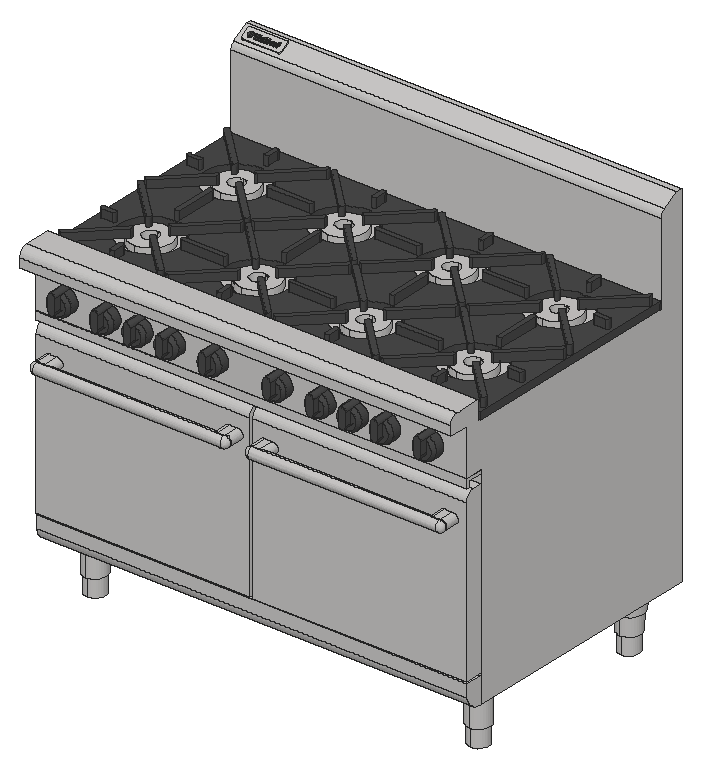
Revit family "QF_MOFFAT WALDORF_RN8820G", category Specialty Equipment, Revit 2012 (continued)
Automatic sketch dimensions
  Split face 19 sketch curve to Extrusion 1 = 584.5 mm
  Split face 19 sketch curve to Split face 19 sketch curve = 20 mm
  Extrusion 1 to Split face 20 sketch curve = 1.962 mm
  Split face 20 sketch curve to Extrusion 1 = 14.14 mm
  Split face 20 sketch curve to Extrusion 1 = 557.5 mm
  Split face 20 sketch curve to Split face 20 sketch curve = 20 mm
  Extrusion 1 to Split face 21 sketch curve = 1.962 mm
  Split face 21 sketch curve to Extrusion 1 = 14.14 mm
  Split face 21 sketch curve to Extrusion 1 = 530.5 mm
  Split face 21 sketch curve to Split face 21 sketch curve = 20 mm
  Extrusion 1 to Split face 22 sketch curve = 1.962 mm
  Split face 22 sketch curve to Extrusion 1 = 14.14 mm
  Split face 22 sketch curve to Extrusion 1 = 503.5 mm
  Split face 22 sketch curve to Split face 22 sketch curve = 20 mm
  Extrusion 1 to Split face 23 sketch curve = 1.962 mm
  Split face 23 sketch curve to Extrusion 1 = 14.14 mm
  Split face 23 sketch curve to Extrusion 1 = 476.5 mm
  Split face 23 sketch curve to Split face 23 sketch curve = 20 mm
  Extrusion 1 to Split face 24 sketch curve = 1.962 mm
  Split face 24 sketch curve to Extrusion 1 = 14.14 mm
  Split face 24 sketch curve to Extrusion 1 = 449.5 mm
  Split face 24 sketch curve to Split face 24 sketch curve = 20 mm
  Extrusion 1 to Split face 25 sketch curve = 1.962 mm
  Split face 25 sketch curve to Extrusion 1 = 14.14 mm
  Split face 25 sketch curve to Extrusion 1 = 422.5 mm
  Split face 25 sketch curve to Split face 25 sketch curve = 20 mm
  Extrusion 1 to Split face 26 sketch curve = 1.962 mm
  Split face 26 sketch curve to Extrusion 1 = 14.14 mm
  Split face 26 sketch curve to Extrusion 1 = 395.5 mm
  Split face 26 sketch curve to Split face 26 sketch curve = 20 mm
  Extrusion 1 to Split face 27 sketch curve = 1.962 mm
  Split face 27 sketch curve to Extrusion 1 = 14.14 mm
  Split face 27 sketch curve to Extrusion 1 = 368.5 mm
  Split face 27 sketch curve to Split face 27 sketch curve = 20 mm
  Extrusion 1 to Split face 28 sketch curve = 1.962 mm
  Split face 28 sketch curve to Extrusion 1 = 14.14 mm
  Split face 28 sketch curve to Extrusion 1 = 341.5 mm
  Split face 28 sketch curve to Split face 28 sketch curve = 20 mm
  Extrusion 1 to Split face 29 sketch curve = 1.962 mm
  Split face 29 sketch curve to Extrusion 1 = 14.14 mm
  Split face 29 sketch curve to Extrusion 1 = 314.5 mm
  Split face 29 sketch curve to Split face 29 sketch curve = 20 mm
  Extrusion 1 to Split face 30 sketch curve = 1.962 mm
  Split face 30 sketch curve to Extrusion 1 = 14.14 mm
  Split face 30 sketch curve to Extrusion 1 = 287.5 mm
  Split face 30 sketch curve to Split face 30 sketch curve = 20 mm
  Extrusion 1 to Split face 31 sketch curve = 1.962 mm
  Split face 31 sketch curve to Extrusion 1 = 14.14 mm
  Split face 31 sketch curve to Extrusion 1 = 260.5 mm
  Split face 31 sketch curve to Split face 31 sketch curve = 20 mm
  Extrusion 1 to Split face 32 sketch curve = 1.962 mm
  Split face 32 sketch curve to Extrusion 1 = 14.14 mm
  Split face 32 sketch curve to Extrusion 1 = 233.5 mm
  Split face 32 sketch curve to Split face 32 sketch curve = 20 mm
  Extrusion 1 to Split face 33 sketch curve = 1.962 mm
  Split face 33 sketch curve to Extrusion 1 = 14.14 mm
  Split face 33 sketch curve to Extrusion 1 = 206.5 mm
  Split face 33 sketch curve to Split face 33 sketch curve = 20 mm
  Extrusion 1 to Split face 34 sketch curve = 1.962 mm
  Split face 34 sketch curve to Extrusion 1 = 14.14 mm
  Split face 34 sketch curve to Extrusion 1 = 179.5 mm
  Split face 34 sketch curve to Split face 34 sketch curve = 20 mm
  Extrusion 1 to Split face 35 sketch curve = 1.962 mm
  Split face 35 sketch curve to Extrusion 1 = 14.14 mm
  Split face 35 sketch curve to Extrusion 1 = 152.5 mm
  Split face 35 sketch curve to Split face 35 sketch curve = 20 mm
  Extrusion 1 to Split face 36 sketch curve = 1.962 mm
  Split face 36 sketch curve to Extrusion 1 = 14.14 mm
  Split face 36 sketch curve to Extrusion 1 = 125.5 mm
  Split face 36 sketch curve to Split face 36 sketch curve = 20 mm
  Revolve 10 sketch curve to plane 5 "FRONT" = 12 mm
  Revolve 10 sketch curve to Revolve 10 sketch curve = 0 mm  (x2)
  Revolve 10 sketch curve to Revolve 10 sketch curve = 11 mm
  Revolve 10 sketch curve to Revolve 10 sketch curve = 12.7 mm
  Revolve 10 sketch curve to Revolve 10 sketch curve = 23 mm
  Revolve 10 sketch curve to Revolve 10 sketch curve = 10 mm
  plane 18 to Revolve 10 sketch curve = 174.109 mm
  Revolve 10 sketch curve to Revolve 10 sketch curve = 5.849 mm
  Revolve 10 sketch curve to Revolve 10 sketch curve = 27.5 mm
  Revolve 10 sketch curve to Revolve 10 sketch curve = 5 mm
  Revolve 11 sketch curve to plane 5 "FRONT" = 12 mm
  Revolve 11 sketch curve to Revolve 11 sketch curve = 0 mm  (x2)
  Revolve 11 sketch curve to Revolve 11 sketch curve = 11 mm
  Revolve 11 sketch curve to Revolve 11 sketch curve = 12.7 mm
  Revolve 11 sketch curve to Revolve 11 sketch curve = 23 mm
  Revolve 11 sketch curve to Revolve 11 sketch curve = 10 mm
  plane 18 to Revolve 11 sketch curve = 174.109 mm
  Revolve 11 sketch curve to Revolve 11 sketch curve = 5.849 mm
  Revolve 11 sketch curve to Revolve 11 sketch curve = 27.5 mm
  Revolve 11 sketch curve to Revolve 11 sketch curve = 5 mm
  Revolve 12 sketch curve to plane 5 "FRONT" = 12 mm
  Revolve 12 sketch curve to Revolve 12 sketch curve = 0 mm  (x2)
  Revolve 12 sketch curve to Revolve 12 sketch curve = 11 mm
  Revolve 12 sketch curve to Revolve 12 sketch curve = 12.7 mm
  Revolve 12 sketch curve to Revolve 12 sketch curve = 23 mm
  Revolve 12 sketch curve to Revolve 12 sketch curve = 10 mm
  plane 18 to Revolve 12 sketch curve = 174.109 mm
  Revolve 12 sketch curve to Revolve 12 sketch curve = 5.849 mm
  Revolve 12 sketch curve to Revolve 12 sketch curve = 27.5 mm
  Revolve 12 sketch curve to Revolve 12 sketch curve = 5 mm
  plane 14 to Extrusion 13 sketch curve = 26.156 mm
  Extrusion 13 sketch curve to Extrusion 13 sketch curve = 10 mm
  plane 18 to Extrusion 13 sketch curve = 168.609 mm
  Extrusion 13 sketch curve to Extrusion 13 sketch curve = 35 mm
  Extrusion 14 sketch curve to plane 9 = 59.844 mm
  Extrusion 14 sketch curve to Extrusion 14 sketch curve = 10 mm
  plane 18 to Extrusion 14 sketch curve = 168.609 mm
  Extrusion 14 sketch curve to Extrusion 14 sketch curve = 35 mm
  plane 9 to Extrusion 15 sketch curve = 30.132 mm
  Extrusion 15 sketch curve to Extrusion 15 sketch curve = 10 mm
  plane 18 to Extrusion 15 sketch curve = 168.609 mm
  Extrusion 15 sketch curve to Extrusion 15 sketch curve = 35 mm
  Extrusion 16 sketch curve to Extrusion 2 = 5 mm
  Extrusion 2 to Extrusion 16 sketch curve = 24 mm
  Extrusion 16 sketch curve to Extrusion 2 = 595.449 mm
  Extrusion 16 sketch curve to Extrusion 16 sketch curve = 9.101 mm
  Revolve 17 sketch curve to plane 5 "FRONT" = 12 mm
  Revolve 17 sketch curve to Revolve 17 sketch curve = 0 mm  (x2)
  Revolve 17 sketch curve to Revolve 17 sketch curve = 11 mm
  Revolve 17 sketch curve to Revolve 17 sketch curve = 12.7 mm
  Revolve 17 sketch curve to Revolve 17 sketch curve = 23 mm
  Revolve 17 sketch curve to Revolve 17 sketch curve = 10 mm
  plane 18 to Revolve 17 sketch curve = 174.734 mm
  Revolve 17 sketch curve to Revolve 17 sketch curve = 5.849 mm
  Revolve 17 sketch curve to Revolve 17 sketch curve = 27.5 mm
  Revolve 17 sketch curve to Revolve 17 sketch curve = 5 mm
  Revolve 18 sketch curve to plane 5 "FRONT" = 12 mm
  Revolve 18 sketch curve to Revolve 18 sketch curve = 0 mm  (x2)
  Revolve 18 sketch curve to Revolve 18 sketch curve = 11 mm
  Revolve 18 sketch curve to Revolve 18 sketch curve = 12.7 mm
  Revolve 18 sketch curve to Revolve 18 sketch curve = 23 mm
  Revolve 18 sketch curve to Revolve 18 sketch curve = 10 mm
  plane 18 to Revolve 18 sketch curve = 174.109 mm
  Revolve 18 sketch curve to Revolve 18 sketch curve = 5.849 mm
  Revolve 18 sketch curve to Revolve 18 sketch curve = 27.5 mm
  Revolve 18 sketch curve to Revolve 18 sketch curve = 5 mm
  plane 9 to Extrusion 19 sketch curve = 120.156 mm
  Extrusion 19 sketch curve to Extrusion 19 sketch curve = 10 mm
  plane 18 to Extrusion 19 sketch curve = 169.234 mm
  Extrusion 19 sketch curve to Extrusion 19 sketch curve = 35 mm
  Extrusion 20 sketch curve to plane 7 "Center Y" = 79.868 mm
  Extrusion 20 sketch curve to Extrusion 20 sketch curve = 10 mm
  plane 18 to Extrusion 20 sketch curve = 168.609 mm
  Extrusion 20 sketch curve to Extrusion 20 sketch curve = 35 mm
  Revolve 21 sketch curve to plane 5 "FRONT" = 12 mm
  Revolve 21 sketch curve to Revolve 21 sketch curve = 0 mm  (x2)
  Revolve 21 sketch curve to Revolve 21 sketch curve = 11 mm
  Revolve 21 sketch curve to Revolve 21 sketch curve = 12.7 mm
  Revolve 21 sketch curve to Revolve 21 sketch curve = 23 mm
  Revolve 21 sketch curve to Revolve 21 sketch curve = 10 mm
  plane 18 to Revolve 21 sketch curve = 174.734 mm
  Revolve 21 sketch curve to Revolve 21 sketch curve = 5.849 mm
  Revolve 21 sketch curve to Revolve 21 sketch curve = 27.5 mm
  Revolve 21 sketch curve to Revolve 21 sketch curve = 5 mm
  Revolve 22 sketch curve to plane 5 "FRONT" = 12 mm
  Revolve 22 sketch curve to Revolve 22 sketch curve = 0 mm  (x2)
  Revolve 22 sketch curve to Revolve 22 sketch curve = 11 mm
  Revolve 22 sketch curve to Revolve 22 sketch curve = 12.7 mm
  Revolve 22 sketch curve to Revolve 22 sketch curve = 23 mm
  Revolve 22 sketch curve to Revolve 22 sketch curve = 10 mm
  plane 18 to Revolve 22 sketch curve = 174.734 mm
  Revolve 22 sketch curve to Revolve 22 sketch curve = 5.849 mm
  Revolve 22 sketch curve to Revolve 22 sketch curve = 27.5 mm
  Revolve 22 sketch curve to Revolve 22 sketch curve = 5 mm
  Revolve 23 sketch curve to plane 5 "FRONT" = 12 mm
  Revolve 23 sketch curve to Revolve 23 sketch curve = 0 mm  (x2)
  Revolve 23 sketch curve to Revolve 23 sketch curve = 11 mm
  Revolve 23 sketch curve to Revolve 23 sketch curve = 12.7 mm
  Revolve 23 sketch curve to Revolve 23 sketch curve = 23 mm
  Revolve 23 sketch curve to Revolve 23 sketch curve = 10 mm
  plane 18 to Revolve 23 sketch curve = 174.734 mm
  Revolve 23 sketch curve to Revolve 23 sketch curve = 5.849 mm
  Revolve 23 sketch curve to Revolve 23 sketch curve = 27.5 mm
  Revolve 23 sketch curve to Revolve 23 sketch curve = 5 mm
  plane 7 "Center Y" to Extrusion 24 sketch curve = 100.156 mm
  Extrusion 24 sketch curve to Extrusion 24 sketch curve = 10 mm
  plane 18 to Extrusion 24 sketch curve = 169.234 mm
  Extrusion 24 sketch curve to Extrusion 24 sketch curve = 35 mm
  plane 7 "Center Y" to Extrusion 25 sketch curve = 220.156 mm
  Extrusion 25 sketch curve to Extrusion 25 sketch curve = 10 mm
  plane 18 to Extrusion 25 sketch curve = 169.234 mm
  Extrusion 25 sketch curve to Extrusion 25 sketch curve = 35 mm
  Extrusion 26 sketch curve to plane 16 = 224.368 mm
  Extrusion 26 sketch curve to Extrusion 26 sketch curve = 10 mm
  plane 18 to Extrusion 26 sketch curve = 169.234 mm
  Extrusion 26 sketch curve to Extrusion 26 sketch curve = 35 mm
  Revolve 27 sketch curve to plane 5 "FRONT" = 12 mm
  Revolve 27 sketch curve to Revolve 27 sketch curve = 0 mm  (x2)
  Revolve 27 sketch curve to Revolve 27 sketch curve = 11 mm
  Revolve 27 sketch curve to Revolve 27 sketch curve = 12.7 mm
  Revolve 27 sketch curve to Revolve 27 sketch curve = 23 mm
  Revolve 27 sketch curve to Revolve 27 sketch curve = 10 mm
  plane 18 to Revolve 27 sketch curve = 174.734 mm
  Revolve 27 sketch curve to Revolve 27 sketch curve = 5.849 mm
  Revolve 27 sketch curve to Revolve 27 sketch curve = 27.5 mm
  Revolve 27 sketch curve to Revolve 27 sketch curve = 5 mm
  Revolve 28 sketch curve to plane 5 "FRONT" = 12 mm
  Revolve 28 sketch curve to Revolve 28 sketch curve = 0 mm  (x2)
  Revolve 28 sketch curve to Revolve 28 sketch curve = 11 mm
  Revolve 28 sketch curve to Revolve 28 sketch curve = 12.7 mm
  Revolve 28 sketch curve to Revolve 28 sketch curve = 23 mm
  Revolve 28 sketch curve to Revolve 28 sketch curve = 10 mm
  plane 18 to Revolve 28 sketch curve = 174.734 mm
  Revolve 28 sketch curve to Revolve 28 sketch curve = 5.849 mm
  Revolve 28 sketch curve to Revolve 28 sketch curve = 27.5 mm
  Revolve 28 sketch curve to Revolve 28 sketch curve = 5 mm
  Extrusion 29 sketch curve to plane 16 = 134.344 mm
  Extrusion 29 sketch curve to Extrusion 29 sketch curve = 10 mm
  plane 18 to Extrusion 29 sketch curve = 169.234 mm
  Extrusion 29 sketch curve to Extrusion 29 sketch curve = 35 mm
  Extrusion 30 sketch curve to plane 16 = 14.368 mm
  Extrusion 30 sketch curve to Extrusion 30 sketch curve = 10 mm
  plane 18 to Extrusion 30 sketch curve = 169.234 mm
  Extrusion 30 sketch curve to Extrusion 30 sketch curve = 35 mm
  Split face 37 sketch curve to Split face 37 sketch curve = 0 mm  (x2)
  Split face 37 sketch curve to cut or joined group of Extrusion 1, Extrusion 16, Extrusion 33 = 30.495 mm
  Split face 37 sketch curve to cut or joined group of Extrusion 1, Extrusion 16, Extrusion 33 = 360.499 mm
  Split face 37 sketch curve to Split face 37 sketch curve = 6 mm
  plane 5 "FRONT" to Extrusion 31 sketch curve = 413.847 mm
  plane 18 to Extrusion 31 sketch curve = 42.347 mm
  Extrusion 31 sketch curve to plane 5 "FRONT" = 56 mm
  plane 5 "FRONT" to Extrusion 32 sketch curve = 413.847 mm
  plane 18 to Extrusion 32 sketch curve = 42.347 mm
  Extrusion 32 sketch curve to plane 5 "FRONT" = 56 mm
  Extrusion 33 sketch curve to plane 16 = 0.512 mm
  Extrusion 33 sketch curve to Extrusion 33 sketch curve = 81 mm
  Extrusion 33 sketch curve to plane 17 = 6.76 mm
  Extrusion 33 sketch curve to Extrusion 33 sketch curve = 48.5 mm
  Extrusion 33 sketch curve to plane 1 "BACK" = 30.24 mm
  Extrusion 33 sketch curve to plane 17 = 55.26 mm
  Extrusion 34 sketch curve to plane 11 = 1.472 mm
  Extrusion 34 sketch curve to plane 18 = 46.875 mm  (x2)
  Extrusion 34 sketch curve to Extrusion 34 sketch curve = 15 mm  (x2)
  Extrusion 34 sketch curve to plane 7 "Center Y" = 59.743 mm
  Extrusion 34 sketch curve to Extrusion 34 sketch curve = 20.282 mm  (x2)
  Revolve 35 sketch curve to plane 3 "LEFT" = 6.961 mm
  plane 3 "LEFT" to Revolve 35 sketch curve = 23.246 mm
  Revolve 35 sketch curve to plane 18 = 16.875 mm
  Revolve 35 sketch curve to Revolve 35 sketch curve = 15 mm
  Revolve 35 sketch curve to plane 7 "Center Y" = 39.148 mm
  Revolve 35 sketch curve to plane 7 "Center Y" = 11.961 mm
  Revolve 35 sketch curve to Revolve 35 sketch curve = 0 mm
  Extrusion 36 sketch curve to plane 18 = 46.875 mm  (x2)
  plane 16 to Extrusion 36 sketch curve = 5.757 mm
  Extrusion 36 sketch curve to Extrusion 36 sketch curve = 15 mm  (x2)
  Extrusion 36 sketch curve to Extrusion 36 sketch curve = 20.282 mm  (x2)
  plane 7 "Center Y" to Extrusion 36 sketch curve = 58.528 mm
  Revolve 37 sketch curve to plane 7 "Center Y" = 6.961 mm
  plane 7 "Center Y" to Revolve 37 sketch curve = 23.246 mm
  Revolve 37 sketch curve to plane 18 = 16.875 mm
  Revolve 37 sketch curve to Revolve 37 sketch curve = 15 mm
  plane 16 to Revolve 37 sketch curve = 26.352 mm
  plane 4 "RIGHT" to Revolve 37 sketch curve = 11.961 mm
  Revolve 37 sketch curve to Revolve 37 sketch curve = 0 mm
  Extrusion 38 sketch curve to Extrusion 38 sketch curve = 0 mm  (x17)
  Extrusion 1 to Extrusion 38 sketch curve = 167.5 mm  (x4)
  Extrusion 38 sketch curve to Extrusion 1 = 171.5 mm  (x4)
  Extrusion 1 to Extrusion 38 sketch curve = 150 mm  (x4)
  Extrusion 38 sketch curve to Extrusion 38 sketch curve = 300 mm  (x3)
  curve 46 to curve 259 = 0 mm  (x2)
  curve 259 to curve 259 = 22 mm
  curve 179 to curve 261 = 0 mm  (x2)
  curve 261 to curve 261 = 22 mm
  curve 181 to curve 263 = 0 mm  (x2)
  curve 263 to curve 263 = 22 mm
  curve 183 to curve 265 = 0 mm  (x2)
  curve 265 to curve 265 = 22 mm
  curve 234 to curve 267 = 0 mm  (x2)
  plane 10 to curve 267 = 14.772 mm
  curve 232 to curve 269 = 0 mm  (x2)
  plane 10 to curve 269 = 14.772 mm
  curve 230 to curve 271 = 0 mm  (x2)
  plane 10 to curve 271 = 14.772 mm
  curve 48 to curve 273 = 0 mm  (x2)
  plane 10 to curve 274 = 14.772 mm
  radius of Extrusion 7 sketch curve = 10 mm
  radius of Extrusion 8 sketch curve = 85 mm  (x8)
  radius of Extrusion 38 sketch curve = 57 mm  (x8)
  radius of Extrusion 38 sketch curve = 22 mm  (x8)
Nested families
  nested 1: "WALDORF LOGO_FACE BASE" at (12.5, -21.284, 1127.238) x (1, 0, 0) z (0, -0.5, 0.866), visible <- "Show Logo", type "WALDORF LOGO_FACE BASE", detail levels medium+fine
    with Show Logo yes
Connectors
  piping at (1070, -32, 655)
    settings: on Extrusion 7, index 4, connector radius 0.37402", flow factor 0, pipe flow 0 GPM, pressure drop 0.00 psi, fitting loss kfactor 0, connector angle 0.00°, fixture units 0, engagement length 0 mm, flow configuration 1, flow direction 1, fitting loss method 0, system type 7, joint type 0, gender type 0, connector reference index -1, connector utility 0, adjustable connector no, is connector primary yes, fitting loss table "", connector description "GAS CONNECTION"
Definition of nested family "WALDORF LOGO_FACE BASE"
  Parameters (values of type "WALDORF LOGO_FACE BASE")
    Show Logo [instance] = yes
    Default Elevation = 1219.2 mm
  Reference planes
    plane 1 "Center (Front/Back)": y = 0
    plane 2: z = 0
    plane 3 "Center (Left/Right)": x = 0
  Forms (mm)
    Extrusion 1, solid
      sketch origin (0, 0, 0) x (1, 0, 0) y (0, 1, 0)
        loop
          line (-1219.2, 1219.2) -> (-1219.2, -1219.2) -> (1219.2, -1219.2) -> (1219.2, 1219.2) -> (-1219.2, 1219.2)
      from 0 to -304.8
    Extrusion 2, solid, material "QF_Finishes_Stainless Steel", visible <- "Show Logo"
      sketch origin (0, -33.217, 0) x (1, 0, 0) y (0, 1, 0)
        loop
          arc (5, 34.14) -> (1.464, 32.676) -> (0, 29.14) r 5
          line (0, 29.14) -> (0, 5)
          arc (0, 5) -> (1.464, 1.464) -> (5, 0) r 5
          line (5, 0) -> (104, 0)
          arc (104, 0) -> (107.536, 1.464) -> (109, 5) r 5
          line (109, 5) -> (109, 29.14)
          arc (109, 29.14) -> (107.536, 32.676) -> (104, 34.14) r 5
          line (104, 34.14) -> (5, 34.14)
      from 0 to 1.588
    Extrusion 3, solid, material "QF_Finishes_Black", visible <- "Show Logo"
      sketch origin (0, -33.217, 1.588) x (1, 0, 0) y (0, 1, 0)
        loop
          line (24.772, 23.214) -> (27.992, 10.301) -> (31.551, 10.301) -> (33.443, 17.364) -> (35.205, 10.301) -> (39.332, 10.301) -> (42.077, 23.214) -> (38.352, 23.214) -> (36.676, 15.33) -> (35, 23.214) -> (31.752, 23.214) -> (30.076, 15.33) -> (28.4, 23.214) -> (24.772, 23.214)
        loop
          line (42.272, 17.055) -> (45.703, 17.055)
          spline (45.703, 17.055) -> (45.741, 17.285) -> (45.852, 17.499) -> (46.028, 17.682) -> (46.258, 17.823) -> (46.526, 17.912) -> (46.813, 17.942) -> (47.1, 17.912) -> (47.368, 17.823) -> (47.597, 17.682) -> (47.774, 17.499) -> (47.884, 17.285) -> (47.922, 17.055)
          line (47.922, 17.055) -> (47.922, 16.222)
          arc (47.922, 16.222) -> (45.742, 16.014) -> (43.665, 15.317) r 9.604
          arc (43.665, 15.317) -> (41.924, 12.809) -> (43.665, 10.301) r 2.677
          arc (43.665, 10.301) -> (45.527, 10.353) -> (47.332, 10.816) r 8.365
          line (47.332, 10.816) -> (48.092, 11.105) -> (48.092, 10.301) -> (51.817, 10.301) -> (51.817, 17.055)
          spline (51.817, 17.055) -> (51.654, 17.821) -> (51.178, 18.535) -> (50.419, 19.148) -> (49.431, 19.619) -> (48.28, 19.914) -> (47.044, 20.015) -> (45.809, 19.914) -> (44.658, 19.619) -> (43.67, 19.148) -> (42.911, 18.535) -> (42.434, 17.821) -> (42.272, 17.055)
        loop
          line (53.151, 23.214) -> (53.151, 10.301) -> (57.37, 10.301) -> (57.37, 23.214) -> (53.151, 23.214)
        loop
          line (64.874, 23.214) -> (64.874, 18.857)
          arc (64.874, 18.857) -> (58.083, 15.11) -> (64.874, 11.363) r 4.429
          line (64.874, 11.363) -> (64.874, 10.301) -> (68.378, 10.301) -> (68.378, 23.214) -> (64.874, 23.214)
        loop
          arc (64.874, 16.083) -> (61.41, 14.987) -> (64.874, 13.891) r 1.905
          line (64.874, 13.891) -> (64.874, 16.083)
        loop
          circle (74.623, 15.223) r 5
        loop
          spline (74.623, 17.856) -> (74.355, 17.766) -> (74.105, 17.503) -> (73.891, 17.084) -> (73.726, 16.539) -> (73.623, 15.904) -> (73.588, 15.223) -> (73.623, 14.541) -> (73.726, 13.906) -> (73.891, 13.361) -> (74.105, 12.942) -> (74.355, 12.679) -> (74.623, 12.59)
          spline (74.623, 12.59) -> (74.891, 12.679) -> (75.141, 12.942) -> (75.355, 13.361) -> (75.52, 13.906) -> (75.623, 14.541) -> (75.659, 15.223) -> (75.623, 15.904) -> (75.52, 16.539) -> (75.355, 17.084) -> (75.141, 17.503) -> (74.891, 17.766) -> (74.623, 17.856)
        loop
          line (81.255, 19.813) -> (81.255, 10.301) -> (84.834, 10.301) -> (84.834, 14.176)
          arc (84.834, 14.176) -> (85.854, 16.093) -> (88.013, 16.32) r 2.313
          line (88.013, 16.32) -> (88.013, 19.813) -> (87.161, 19.813)
          arc (87.161, 19.813) -> (85.526, 19.266) -> (84.549, 17.844) r 2.717
          line (84.549, 17.844) -> (84.549, 19.813) -> (81.255, 19.813)
        loop
          line (90.249, 19.813) -> (88.91, 19.813) -> (88.91, 17.614) -> (90.249, 17.614) -> (90.249, 10.301) -> (93.998, 10.301) -> (93.998, 17.614) -> (95.418, 17.614) -> (95.418, 19.813) -> (93.998, 19.813)
          arc (93.998, 19.813) -> (94.414, 20.817) -> (95.418, 21.233) r 1.42
          line (95.418, 21.233) -> (95.418, 23.602) -> (93.317, 23.602)
          arc (93.317, 23.602) -> (91.343, 22.903) -> (90.249, 21.118) r 3.137
          line (90.249, 21.118) -> (90.249, 19.813)
        loop
          arc (15.241, 23.571) -> (8.392, 16.525) -> (15.241, 9.479) r 7.049
          line (15.241, 9.479) -> (15.241, 23.571)
        loop
          line (15.641, 23.571) -> (15.641, 9.479)
          arc (15.641, 9.479) -> (22.49, 16.525) -> (15.641, 23.571) r 7.049
        loop
          arc (47.922, 14.711) -> (46.266, 13.749) -> (47.922, 12.787) r 1.107
          line (47.922, 12.787) -> (47.922, 14.711)
      from 0 to 0.2
  Dimensions and locks
    aligned and locked: plane 2 to Extrusion 1
    aligned and locked: level to Extrusion 1
